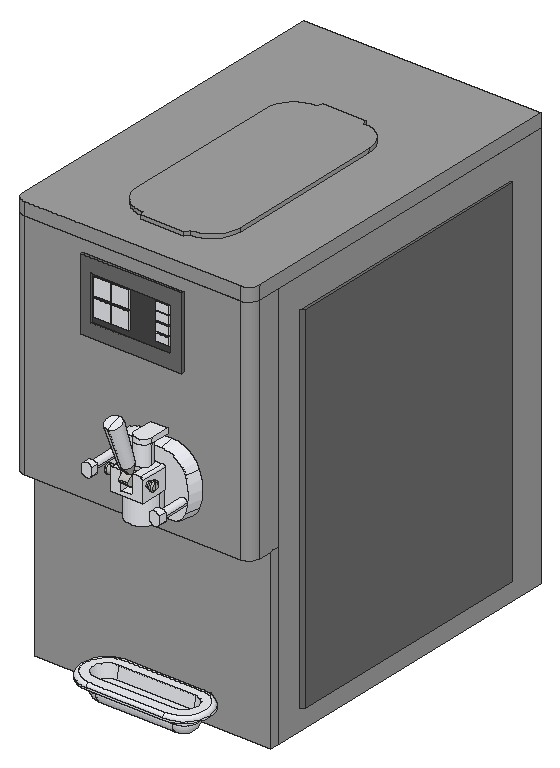
Revit family "QF_ELECTROLUXPROFESSIONAL_560067_CAP118DPA3PHCM", category Specialty Equipment, Revit 2018
Family settings
  Round Connector Dimension = Use Diameter
  Part Type = Normal
  Work Plane-Based = No
  Always vertical = Yes
  Cut with Voids When Loaded = No
  Shared = No
  Room Calculation Point = No
Parameters
  Watts = 0 W
  HP = ""
  Direct Waste Size = 0 mm
Reference planes
  plane 1 "Center (Front/Back)": y = 0
  plane 2: z = 0
  plane 3 "Center (Left/Right)": x = 0
  plane 4 "BASE": z = 30
  plane 5 "TOP": z = 853
  plane 6 "FRONT": y = -417
  plane 7 "BACK": y = 417
  plane 8 "LEFT": x = -232.5
  plane 9 "RIGHT": x = 232.5
  plane 10 "PLANE": z = 113
  plane 11: z = 400
  plane 12: y = 287
  plane 13: y = -111
  plane 14: x = -147
  plane 15: x = 147
  plane 16: y = 410
  plane 17: y = 390
  plane 18 "Panel": y = -227
  plane 19 "CenterX": y = -330.377
  plane 20 "CenterY": x = 48.589
  plane 21 "DispenserX": z = 503.906
  plane 22 "HoleY": y = -359.094
  plane 23: y = -377
Forms (mm)
  Extrusion 1, solid, material "QF_Finishes_Rubber Black"
    sketch origin (0, 0, 0) x (1, 0, 0) y (0, 1, 0)
      loop
        circle (-147, 287) r 20
    from 30 to 0
  Extrusion 2, solid, material "QF_Finishes_Rubber Black"
    sketch origin (0, 0, 0) x (1, 0, 0) y (0, 1, 0)
      loop
        circle (-147, -111) r 20
    from 30 to 0
  Extrusion 3, solid, material "QF_Finishes_Rubber Black"
    sketch origin (5, 0, 0) x (1, 0, 0) y (0, 1, 0)
      loop
        circle (142.097, 287) r 20
    from 30 to 0
  Extrusion 4, solid, material "QF_Finishes_Rubber Black"
    sketch origin (0, 0, 0) x (1, 0, 0) y (0, 1, 0)
      loop
        circle (142.097, -111) r 20
    from 30 to 0
  Extrusion 5, solid, material "QF_Finishes_Rubber Black"
    sketch origin (0, 0, 0) x (1, 0, 0) y (0, 1, 0)
      loop
        line (200, 410) -> (193, 417) -> (-193, 417) -> (-200, 410) -> (200, 410)
    from 70 to 761
  Extrusion 6, solid, material "QF_Finishes_Rubber Black"
    sketch origin (0, 0, 0) x (1, 0, 0) y (0, 1, 0)
      loop
        line (225.5, 338.446) -> (225.5, -174.757) -> (232.5, -167.757) -> (232.5, 331.446) -> (225.5, 338.446)
    from 70 to 761
  Extrusion 7, solid, material "QF_Finishes_Gray"
    sketch origin (0, 0, 0) x (1, 0, 0) y (0, 1, 0)
      loop
        line (-232.5, 410) -> (-232.5, -227) -> (225.5, -227) -> (225.5, 410) -> (-232.5, 410)
    from 821 to 30
  Extrusion 8, solid, material "QF_Finishes_Gray"
    sketch origin (0, 0, 0) x (1, 0, 0) y (0, 1, 0)
      loop
        line (-100, 152.026) -> (-100, -159.18)
        arc (-100, -159.18) -> (-83.917, -198.045) -> (-45.075, -214.18) r 55
        line (-45.075, -214.18) -> (-41.655, -223.577) -> (41.655, -223.577) -> (45.075, -214.18)
        arc (45.075, -214.18) -> (83.917, -198.045) -> (100, -159.18) r 55
        line (100, -159.18) -> (100, 152.026)
        arc (100, 152.026) -> (83.917, 190.89) -> (45.075, 207.026) r 55
        line (45.075, 207.026) -> (41.655, 216.423) -> (-41.655, 216.423) -> (-45.075, 207.026)
        arc (-45.075, 207.026) -> (-83.917, 190.89) -> (-100, 152.026) r 55
    from 853 to 846
  Extrusion 9, solid, material "QF_Finishes_Gray"
    sketch origin (0, 0, 0) x (1, 0, 0) y (0, 1, 0)
      loop
        line (-232.5, 410) -> (-232.5, -270.442)
        arc (-232.5, -270.442) -> (-226.642, -284.584) -> (-212.5, -290.442) r 20
        line (-212.5, -290.442) -> (205.5, -290.442)
        arc (205.5, -290.442) -> (219.642, -284.584) -> (225.5, -270.442) r 20
        line (225.5, -270.442) -> (225.5, 410) -> (-232.5, 410)
    from 846 to 821
  Extrusion 10, solid, material "QF_Finishes_Gray"
    sketch origin (0, 0, 0) x (1, 0, 0) y (0, 1, 0)
      loop
        arc (-232.5, -270.442) -> (-226.642, -284.584) -> (-212.5, -290.442) r 20
        line (-212.5, -290.442) -> (205.5, -290.442)
        arc (205.5, -290.442) -> (219.642, -284.584) -> (225.5, -270.442) r 20
        line (225.5, -270.442) -> (225.5, -227) -> (-232.5, -227) -> (-232.5, -270.442)
    from 372.116 to 821
  Extrusion 11, solid, material "QF_Finishes_Gray"
    sketch origin (0, 0, 0) x (1, 0, 0) y (0, 1, 0)
      loop
        line (-232.5, -227) -> (-232.5, -242) -> (225.5, -242) -> (225.5, -227) -> (-232.5, -227)
    from 30 to 372.116
  Extrusion 12, solid, material "QF_Finishes_Rubber Black"
    sketch origin (0, -417, 56) x (-1, 0, 0) y (0, 0, 1)
      loop
        line (-95, 742) -> (-95, 602) -> (100, 602) -> (100, 742) -> (-95, 742)
      loop
        line (80, 715) -> (-75, 715) -> (-75, 629) -> (80, 629) -> (80, 715)
    from 131.011 to 121
  Extrusion 13, solid, material "QF_Plastic-Black-Matte"
    sketch origin (0, -417, 56) x (-1, 0, 0) y (0, 0, 1)
      loop
        line (80, 715) -> (-75, 715) -> (-75, 629) -> (80, 629) -> (80, 715)
    from 131.011 to 123
  Blend 14, solid, material "QF_Finishes_White"
    base sketch origin (0, -417, 1) x (-1, 0, 0) y (0, 0, 1)
      loop
        line (-17.867, 534.877) -> (-72.867, 534.877)
        arc (-72.867, 534.877) -> (-104.498, 524.904) -> (-124.689, 498.591) r 55.147
        arc (-124.689, 498.591) -> (-130.721, 464.381) -> (-124.689, 430.171) r 100.024
        arc (-124.689, 430.171) -> (-109.879, 411.813) -> (-86.926, 406.378) r 36.422
        line (-86.926, 406.378) -> (-13.841, 406.378)
        arc (-13.841, 406.378) -> (11.118, 423.732) -> (28.657, 448.561) r 87.736
        arc (28.657, 448.561) -> (32.359, 477.841) -> (28.62, 507.117) r 117.056
        arc (28.62, 507.117) -> (9.205, 527.409) -> (-17.867, 534.877) r 52.805
    top sketch origin (0, -417, 1) x (-1, 0, 0) y (0, 0, 1)
      loop
        arc (23.932, 505.269) -> (6.385, 523.268) -> (-17.867, 529.877) r 47.805
        line (-17.867, 529.877) -> (-72.867, 529.877)
        arc (-72.867, 529.877) -> (-101.631, 520.808) -> (-119.99, 496.881) r 50.147
        arc (-119.99, 496.881) -> (-125.721, 464.381) -> (-119.99, 431.881) r 95.024
        arc (-119.99, 431.881) -> (-107.114, 415.981) -> (-87.178, 411.378) r 31.422
        line (-87.178, 411.378) -> (-14.959, 411.378)
        arc (-14.959, 411.378) -> (7.813, 427.497) -> (23.932, 450.269) r 82.736
        arc (23.932, 450.269) -> (27.359, 477.769) -> (23.932, 505.269) r 112.056
    from 126.558 to 100
  Sweep 15, solid, material "QF_Finishes_White"
    path origin (0, 0.098, 0) x (1, 0, 0) y (0, 1, 0)
      loop
        arc (124.288, -377.098) -> (174.152, -327.234) -> (124.288, -277.37) r 49.864
        line (124.288, -277.37) -> (-24.465, -277.37)
        arc (-24.465, -277.37) -> (-74.329, -327.234) -> (-24.465, -377.098) r 49.864
        line (-24.465, -377.098) -> (124.288, -377.098)
    profile origin (49.912, -377, 0) x (0, -1, 0) y (0, 0, 1)
      loop
        arc (-44.804, 63.948) -> (-28.996, 70.496) -> (-22.447, 86.305) r 22.357
        line (-22.447, 86.305) -> (-20.953, 103.387) -> (0, 103.387) -> (0, 106.387)
        arc (0, 106.387) -> (-1.937, 111.063) -> (-6.613, 113) r 6.613
        line (-6.613, 113) -> (-23.219, 113) -> (-25.397, 88.095) -> (-44.804, 88.095) -> (-44.804, 63.948)
  Revolve 16, solid, material "QF_Finishes_White"
    sketch origin (0, -330.377, 1) x (-1, 0, 0) y (0, 0, 1)
      loop
        line (-17, 458.985) -> (-45.961, 458.985) -> (-45.961, 502.906) -> (-32, 502.906) -> (-32, 540.7) -> (-48.589, 540.7) -> (-48.589, 399)
        arc (-48.589, 399) -> (-35.782, 401.599) -> (-25, 408.985) r 32.856
        line (-25, 408.985) -> (-17, 408.985) -> (-17, 458.985)
      axis (-48.589, 399) -> (-48.589, 540.7)
    angle from 0 to 360
  Extrusion 17, solid, material "QF_Finishes_White"
    sketch origin (0, -417, 1) x (-1, 0, 0) y (0, 0, 1)
      loop
        line (-80.178, 458.985) -> (-17, 458.985) -> (-17, 497.906)
        arc (-17, 497.906) -> (-18.465, 501.442) -> (-22, 502.906) r 5
        line (-22, 502.906) -> (-37.291, 502.906) -> (-37.291, 466.693) -> (-59.888, 466.693) -> (-59.888, 502.906) -> (-75.178, 502.906)
        arc (-75.178, 502.906) -> (-78.714, 501.442) -> (-80.178, 497.906) r 5
        line (-80.178, 497.906) -> (-80.178, 458.985)
    from 46.352 to 100
  Extrusion 18, solid, material "QF_Finishes_Stainless Steel"
    sketch origin (48.589, 0, 1) x (0, -1, 0) y (0, 0, 1)
      loop
        arc (378.299, 489.717) -> (371.207, 497.676) -> (361.14, 501.185) r 21.226
        line (361.14, 501.185) -> (357.048, 501.185) -> (325.071, 496.12)
        arc (325.071, 496.12) -> (320.535, 488.808) -> (325.071, 481.495) r 8.163
        line (325.071, 481.495) -> (357.048, 476.43) -> (361.14, 476.43)
        arc (361.14, 476.43) -> (371.207, 479.939) -> (378.299, 487.898) r 21.226
        line (378.299, 487.898) -> (378.299, 489.717)
    from -9 to 9
  Revolve 19, solid, material "QF_Finishes_Stainless Steel"
    sketch origin (48.589, 0, 0) x (0, -1, 0) y (0, 0, 1)
      loop
        line (363.235, 499.595) -> (370.502, 518.527) -> (359.094, 522.906) -> (359.094, 501.185) -> (363.235, 499.595)
      axis (363.235, 499.595) -> (370.502, 518.527)
    angle from 0 to 360
  Revolve 20, solid, material "QF_Finishes_White"
    sketch origin (48.589, 0, 0) x (0, -1, 0) y (0, 0, 1)
      loop
        line (359.094, 522.906) -> (370.502, 518.527) -> (402.736, 602.498) -> (388.395, 608.003) -> (359.094, 522.906)
      axis (370.502, 518.527) -> (402.736, 602.498)
    angle from 0 to 360
  Extrusion 21, solid, material "QF_Finishes_White"
    sketch origin (0, -417, 0) x (-1, 0, 0) y (0, 0, 1)
      loop
        circle (-114.635, 451.539) r 7.506
    from 45 to 100
  Extrusion 22, solid, material "QF_Finishes_White"
    sketch origin (0, -417, 1) x (-1, 0, 0) y (0, 0, 1)
      loop
        arc (-104.635, 459.044) -> (-114.635, 464.044) -> (-124.635, 459.044) r 12.5
        line (-124.635, 459.044) -> (-124.635, 444.044)
        arc (-124.635, 444.044) -> (-114.635, 439.044) -> (-104.635, 444.044) r 12.5
        line (-104.635, 444.044) -> (-104.635, 459.044)
    from 32 to 45
  Extrusion 23, solid, material "QF_Finishes_White"
    sketch origin (97.179, -417, 40) x (1, 0, 0) y (0, 0, -1)
      loop
        circle (-114.635, -451.539) r 7.506
    from 45 to 100
  Extrusion 24, solid, material "QF_Finishes_White"
    sketch origin (97.179, -417, 38.705) x (1, 0, 0) y (0, 0, -1)
      loop
        line (-104.635, -459.044) -> (-104.635, -444.044)
        arc (-104.635, -444.044) -> (-114.635, -439.044) -> (-124.635, -444.044) r 12.5
        line (-124.635, -444.044) -> (-124.635, -459.044)
        arc (-124.635, -459.044) -> (-114.635, -464.044) -> (-104.635, -459.044) r 12.5
    from 32 to 45
  Extrusion 25, solid, material "QF_Finishes_White"
    sketch origin (0, 0.327, 503.906) x (-1, 0, 0) y (0, -1, 0)
      loop
        arc (-32, 330.377) -> (-48.589, 346.966) -> (-65.178, 330.377) r 16.589
        line (-65.178, 330.377) -> (-65.178, 292.42) -> (-32, 292.42) -> (-32, 330.377)
    from 37.793 to 47.43
  Extrusion 26, solid, material "QF_Finishes_White"
    sketch origin (0, 0.098, 113) x (0, 1, 0) y (-1, 0, 0)
      loop
        arc (-319.611, 24.465) -> (-329.476, 34.329) -> (-339.34, 24.465) r 9.864
        line (-339.34, 24.465) -> (-339.34, -124.288)
        arc (-339.34, -124.288) -> (-329.476, -134.152) -> (-319.611, -124.288) r 9.864
        line (-319.611, -124.288) -> (-319.611, 24.465)
    from -48.53 to -24.905
  Extrusion 27, solid, material "QF_Finishes_Stainless Steel"
    sketch origin (48.589, 0, 8) x (0, -1, 0) y (0, 0, 1)
      loop
        line (277.271, 95.387) -> (277.271, 77.387) -> (242, 77.387) -> (242, 42.387) -> (245, 42.387) -> (245, 74.387) -> (280.273, 74.387) -> (280.273, 95.387) -> (277.271, 95.387)
    from -60.17 to 55.108
  Extrusion 28, void
    sketch origin (48.589, 0, 1) x (0, -1, 0) y (0, 0, 1)
      loop
        circle (359.094, 488.808) r 5
    from -31.589 to 31.589
  Revolve 29, solid, material "QF_Finishes_Stainless Steel"
    sketch origin (0, -359.094, 1) x (0, 0, 1) y (1, 0, 0)
      loop
        line (493.808, 80.178) -> (493.808, 84.651) -> (497.46, 89.868) -> (497.46, 92.697) -> (495.124, 95.033) -> (488.808, 95.033) -> (488.808, 80.178) -> (493.808, 80.178)
      loop
        line (493.808, 17) -> (488.808, 17) -> (488.808, 2.146) -> (495.124, 2.146) -> (497.46, 4.482) -> (497.46, 7.311) -> (493.808, 12.528) -> (493.808, 17)
      axis (488.808, 2.146) -> (488.808, 95.033)
    angle from 0 to 360
  Extrusion 30, solid, material "QF_Finishes_Stainless Steel"
    sketch origin (0, -227, 0) x (1, 0, 0) y (0, 0, 1)
      loop
        circle (-142.42, 350.164) r 10
      loop
        circle (137.549, 350.164) r 10
    from 15 to 17.498
  Extrusion 31, solid, material "QF_Finishes_Stainless Steel"
    sketch origin (0, 0, 30) x (-1, 0, 0) y (0, -1, 0)
      loop
        circle (-170.5, -192) r 20
    from 0 to -11.079
  Extrusion 32, solid, material "QF_Finishes_White"
    sketch origin (0, -417, 56) x (-1, 0, 0) y (0, 0, 1)
      loop
        line (75, 711) -> (42, 711) -> (42, 678) -> (75, 678) -> (75, 711)
      loop
        line (75, 641) -> (75, 674) -> (42, 674) -> (42, 641) -> (75, 641)
      loop
        line (40, 711) -> (7, 711) -> (7, 678) -> (40, 678) -> (40, 711)
      loop
        line (40, 641) -> (40, 674) -> (7, 674) -> (7, 641) -> (40, 641)
      loop
        line (-70, 711) -> (-70, 696) -> (-46, 696) -> (-46, 711) -> (-70, 711)
      loop
        line (-70, 678) -> (-46, 678) -> (-46, 693) -> (-70, 693) -> (-70, 678)
      loop
        line (-70, 674) -> (-70, 659) -> (-46, 659) -> (-46, 674) -> (-70, 674)
      loop
        line (-70, 641) -> (-46, 641) -> (-46, 656) -> (-70, 656) -> (-70, 641)
    from 123 to 121
Cuts and joins
  Extrusion 28 cuts Extrusion 17
  Extrusion 28 cuts Extrusion 18
  Extrusion 28 cuts Extrusion 23
  joined: Sweep 15, Extrusion 26
Lines and regions (mm)
  symbolic lines
    curve 1: line (-232.5, 410, 30) -> (-232.5, -270.442, 30)
    curve 2: arc (-232.5, -270.442, 30) -> (-226.642, -284.584, 30) -> (-212.5, -290.442, 30) r 20
    curve 3: line (-212.5, -290.442, 30) -> (205.5, -290.442, 30)
    curve 4: arc (205.5, -290.442, 30) -> (219.642, -284.584, 30) -> (225.5, -270.442, 30) r 20
    curve 5: line (225.5, -270.442, 30) -> (225.5, 410, 30)
    curve 6: line (225.5, 410, 30) -> (-232.5, 410, 30)
    curve 7: line (-193, 417, 30) -> (-200, 410, 30)
    curve 8: line (193, 417, 30) -> (-193, 417, 30)
    curve 9: line (200, 410, 30) -> (193, 417, 30)
    curve 10: line (232.5, 331.446, 30) -> (225.5, 338.446, 30)
    curve 11: line (232.5, -167.757, 30) -> (232.5, 331.446, 30)
    curve 12: line (225.5, -174.757, 30) -> (232.5, -167.757, 30)
    curve 13: line (-41.655, -223.577, 30) -> (41.655, -223.577, 30)
    curve 14: line (-45.075, -214.18, 30) -> (-41.655, -223.577, 30)
    curve 15: line (41.655, -223.577, 30) -> (45.075, -214.18, 30)
    curve 16: arc (45.075, -214.18, 30) -> (83.917, -198.045, 30) -> (100, -159.18, 30) r 55
    curve 17: arc (-100, -159.18, 30) -> (-83.917, -198.045, 30) -> (-45.075, -214.18, 30) r 55
    curve 18: line (-100, 152.026, 30) -> (-100, -159.18, 30)
    curve 19: line (100, -159.18, 30) -> (100, 152.026, 30)
    curve 20: arc (100, 152.026, 30) -> (83.917, 190.89, 30) -> (45.075, 207.026, 30) r 55
    curve 21: line (45.075, 207.026, 30) -> (41.655, 216.423, 30)
    curve 22: line (41.655, 216.423, 30) -> (-41.655, 216.423, 30)
    curve 23: line (-41.655, 216.423, 30) -> (-45.075, 207.026, 30)
    curve 24: arc (-45.075, 207.026, 30) -> (-83.917, 190.89, 30) -> (-100, 152.026, 30) r 55
    curve 25: line (-100, -290.442, 30) -> (-100, -296, 30)
    curve 26: line (-100, -296, 30) -> (95, -296, 30)
    curve 27: line (95, -296, 30) -> (95, -290.442, 30)
    curve 28: line (65.178, -330.051, 30) -> (65.178, -296, 30)
    curve 29: line (32, -296, 30) -> (32, -330.051, 30)
    curve 30: arc (32, -330.051, 30) -> (48.589, -346.64, 30) -> (65.178, -330.051, 30) r 16.589
    curve 31: line (-27.457, -372, 30) -> (-27.457, -385, 30)
    curve 32: line (-7.457, -372, 30) -> (-27.457, -372, 30)
    curve 33: line (-27.457, -385, 30) -> (-7.457, -385, 30)
    curve 34: line (-7.457, -385, 30) -> (-7.457, -372, 30)
    curve 35: line (104.635, -385, 30) -> (124.635, -385, 30)
    curve 36: line (124.635, -385, 30) -> (124.635, -372, 30)
    curve 37: line (124.635, -372, 30) -> (104.635, -372, 30)
    curve 38: line (104.635, -372, 30) -> (104.635, -385, 30)
    curve 39: spline (48.589, -388.395, 30) -> (52.565, -388.884, 30) -> (56.27, -390.316, 30) -> (59.451, -392.595, 30) -> (61.892, -395.565, 30) -> (63.427, -399.024, 30) -> (63.95, -402.736, 30) -> (63.427, -406.447, 30) -> (61.892, -409.906, 30) -> (59.451, -412.876, 30) -> (56.27, -415.155, 30) -> (52.565, -416.588, 30) -> (48.589, -417.076, 30)
    curve 40: spline (48.589, -417.076, 30) -> (44.614, -416.588, 30) -> (40.909, -415.155, 30) -> (37.728, -412.876, 30) -> (35.286, -409.906, 30) -> (33.752, -406.447, 30) -> (33.228, -402.736, 30) -> (33.752, -399.024, 30) -> (35.286, -395.565, 30) -> (37.728, -392.595, 30) -> (40.909, -390.316, 30) -> (44.614, -388.884, 30) -> (48.589, -388.395, 30)
    curve 41: spline (60.731, -369.213, 30) -> (60.04, -366.518, 30) -> (58.673, -364.058, 30) -> (56.711, -361.978, 30) -> (54.27, -360.401, 30) -> (51.493, -359.421, 30) -> (48.546, -359.094, 30) -> (45.601, -359.44, 30) -> (42.832, -360.439, 30) -> (40.403, -362.032, 30) -> (38.457, -364.125, 30) -> (37.109, -366.594, 30) -> (36.438, -369.294, 30)
    curve 42: line (39.589, -343.986, 30) -> (39.589, -362.785, 30)
    curve 43: line (37.291, -366.156, 30) -> (37.291, -342.197, 30)
    curve 44: line (57.589, -357.048, 30) -> (39.589, -357.048, 30)
    curve 45: line (39.589, -361.14, 30) -> (41.606, -361.14, 30)
    curve 46: line (59.888, -342.197, 30) -> (59.888, -366.156, 30)
    curve 47: line (57.589, -362.785, 30) -> (57.589, -343.986, 30)
    curve 48: line (17, -370.648, 30) -> (36.306, -370.648, 30)
    curve 49: line (17, -317, 30) -> (17, -370.648, 30)
    curve 50: line (36.438, -369.294, 30) -> (33.293, -401.419, 30)
    curve 51: line (60.731, -369.213, 30) -> (63.833, -400.965, 30)
    curve 52: line (55.572, -361.14, 30) -> (57.589, -361.14, 30)
    curve 53: line (60.871, -370.648, 30) -> (80.178, -370.648, 30)
    curve 54: line (-24.964, -372, 30) -> (-24.964, -317, 30)
    curve 55: line (-9.951, -372, 30) -> (-9.951, -317, 30)
    curve 56: line (2.146, -365.41, 30) -> (2.146, -352.778, 30)
    curve 57: line (2.146, -352.778, 30) -> (4.476, -350.447, 30)
    curve 58: line (4.476, -350.447, 30) -> (7.296, -350.447, 30)
    curve 59: line (7.296, -350.447, 30) -> (12.528, -354.094, 30)
    curve 60: line (12.528, -354.094, 30) -> (17, -354.094, 30)
    curve 61: line (12.528, -354.094, 30) -> (12.528, -364.094, 30)
    curve 62: line (2.146, -365.41, 30) -> (4.476, -367.74, 30)
    curve 63: line (4.476, -367.74, 30) -> (7.296, -367.74, 30)
    curve 64: line (7.296, -367.74, 30) -> (12.528, -364.094, 30)
    curve 65: line (4.476, -367.74, 30) -> (4.476, -350.447, 30)
    curve 66: line (7.296, -350.447, 30) -> (7.296, -367.74, 30)
    curve 67: line (12.528, -364.094, 30) -> (17, -364.094, 30)
    curve 68: line (122.143, -372, 30) -> (122.143, -317, 30)
    curve 69: line (107.13, -372, 30) -> (107.13, -317, 30)
    curve 70: line (107.13, -351.603, 30) -> (93.858, -351.603, 30)
    curve 71: line (107.13, -353.781, 30) -> (95.033, -353.781, 30)
    curve 72: line (95.033, -365.41, 30) -> (95.033, -352.778, 30)
    curve 73: line (95.033, -352.778, 30) -> (92.703, -350.447, 30)
    curve 74: line (92.703, -350.447, 30) -> (89.882, -350.447, 30)
    curve 75: line (89.882, -350.447, 30) -> (84.651, -354.094, 30)
    curve 76: line (84.651, -354.094, 30) -> (80.178, -354.094, 30)
    curve 77: line (84.651, -354.094, 30) -> (84.651, -364.094, 30)
    curve 78: line (95.033, -365.41, 30) -> (92.703, -367.74, 30)
    curve 79: line (92.703, -367.74, 30) -> (89.882, -367.74, 30)
    curve 80: line (89.882, -367.74, 30) -> (84.651, -364.094, 30)
    curve 81: line (92.703, -367.74, 30) -> (92.703, -350.447, 30)
    curve 82: line (89.882, -350.447, 30) -> (89.882, -367.74, 30)
    curve 83: line (84.651, -364.094, 30) -> (80.178, -364.094, 30)
    curve 84: line (80.178, -317, 30) -> (80.178, -370.648, 30)
    curve 85: line (-27.359, -317, 30) -> (-31.405, -296, 30)
    curve 86: line (-23.932, -317, 30) -> (-27.639, -296, 30)
    curve 87: line (-27.359, -317, 30) -> (32, -317, 30)
    curve 88: line (125.721, -317, 30) -> (130.838, -290.442, 30)
    curve 89: line (122.294, -317, 30) -> (126.982, -290.442, 30)
    curve 90: line (125.721, -317, 30) -> (65.178, -317, 30)
    curve 91: line (124.288, -351.603, 30) -> (122.143, -351.603, 30)
    curve 92: line (124.288, -353.781, 30) -> (122.143, -353.781, 30)
    curve 93: arc (-24.964, -351.597, 30) -> (-48.8, -329.672, 30) -> (-29.998, -303.303, 30) r 24.467
    curve 94: arc (-30.411, -301.162, 30) -> (-50.969, -329.879, 30) -> (-24.964, -353.777, 30) r 26.646
    curve 95: arc (-27.457, -376.91, 30) -> (-70.032, -347.386, 30) -> (-63.414, -296, 30) r 49.864
    curve 96: arc (128.414, -303.019, 30) -> (148.667, -329.206, 30) -> (124.288, -351.603, 30) r 24.467
    curve 97: arc (124.288, -353.781, 30) -> (150.836, -329.413, 30) -> (128.827, -300.879, 30) r 26.646
    curve 98: arc (158.052, -290.442, 30) -> (170.743, -345.257, 30) -> (124.288, -377, 30) r 49.864
    curve 99: line (88.225, -351.603, 30) -> (80.178, -351.603, 30)
    curve 100: line (85.099, -353.781, 30) -> (80.178, -353.781, 30)
    curve 101: line (-9.951, -351.603, 30) -> (3.321, -351.603, 30)
    curve 102: line (-9.951, -353.781, 30) -> (2.146, -353.781, 30)
    curve 103: line (8.954, -351.603, 30) -> (17, -351.603, 30)
    curve 104: line (12.08, -353.781, 30) -> (17, -353.781, 30)
    curve 105: line (-7.457, -377, 30) -> (35.684, -377, 30)
    curve 106: line (61.492, -377, 30) -> (104.635, -377, 30)
Dimensions and locks
  plane 4 "BASE" to level = 30.0 mm
  plane 5 "TOP" to level = 853.0 mm
  plane 7 "BACK" to plane 6 "FRONT" = 834.0 mm
  plane 8 "LEFT" to plane 9 "RIGHT" = 465.0 mm
  plane 9 "RIGHT" to plane 8 "LEFT" = 465.0 mm
  plane 10 "PLANE" to level = 113.0 mm
  plane 11 to plane 10 "PLANE" = 287.0 mm
  plane 7 "BACK" to plane 12 = 130.0 mm
  plane 13 to plane 12 = 398.0 mm
  plane 16 to plane 7 "BACK" = 7.0 mm
  plane 17 to plane 16 = 20.0 mm
  plane 18 "Panel" to plane 17 = 617.0 mm
  plane 14 to plane 15 = 294.0 mm
  plane 23 to plane 7 "BACK" = 794.0 mm
  plane 7 "BACK" to plane 23 = 794.0 mm
  radius of Extrusion 30 sketch curve = 10.0 mm
  aligned and locked: level to plane 2
Connectors
  electrical at (170.5, 192, 18.921)
    settings: on Extrusion 31, index 1, voltage 0 V, apparent load 0 VA, apparent load phase1 0 VA, apparent load phase2 0 VA, apparent load phase3 0 VA, power factor 1, load classification "Other", number of poles 1, system type 30, power factor state 1, is connector primary yes, connector utility no, sub classification motor no, connector description "Electrical Connection"
